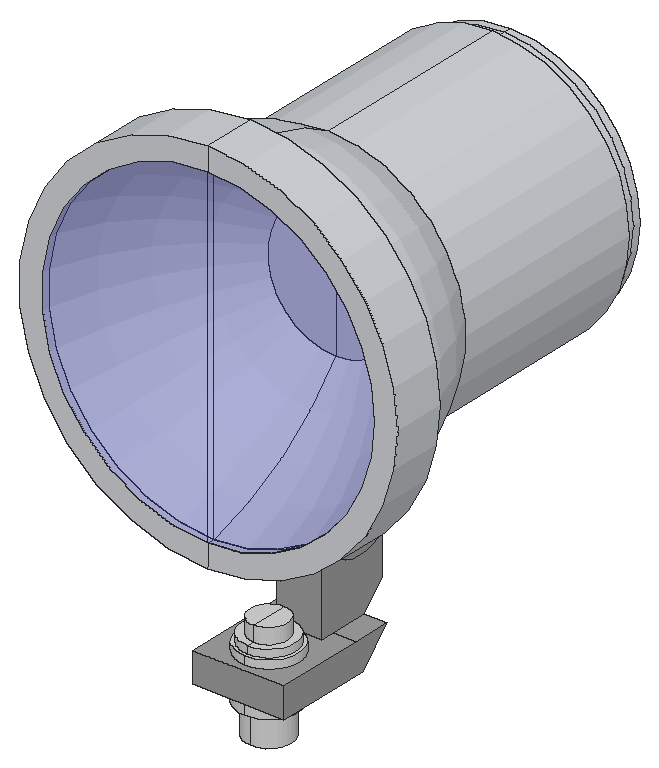
Revit family "77704_HOST_FACE", category Lighting Fixtures, host Face, Revit 2012
Parameters (values of type "Small Scale Floodlights")
  Wattage = 16.8303 W
  built-in parameter 1150110 = 1 (stored number, unit not read)
  URL = "www.bega-us.com"
  built-in parameter 1114217 = 1 (stored number, unit not read)
  Tilt Angle = 90.00°
  built-in parameter 1150109 = 1 (stored number, unit not read)
  built-in parameter 1150134 = 12
  Telephone = "805.684.0533"
  built-in parameter 1150113 = 1 (stored number, unit not read)
  Photometric Web File = "77704.IES"
  Model = "77704"
  Manufacturer = "BEGA-US"
  built-in parameter 1150105 = 198.94 (stored number, unit not read)
  Lumens = 2500 lm
  built-in parameter 1150115 = 1 (stored number, unit not read)
  built-in parameter 1150137 = (empty or 0)
  built-in parameter 1150139 = (empty or 0)
  built-in parameter 1150112 = 1 (stored number, unit not read)
  built-in parameter 1150114 = 1 (stored number, unit not read)
  Lamp = "30W LED"
  built-in parameter 1150132 = 2
  built-in parameter 1150102 = (empty or 0)
  built-in parameter 1150107 = 4000 (stored number, unit not read)
  built-in parameter 1150138 = (empty or 0)
  built-in parameter 1150106 = 1.9894 (stored number, unit not read)
  built-in parameter 1150104 = 13.8 (stored number, unit not read)
  Dimming Lamp Color Temperature Shift = <None>
  Description = "Small Scale Floodlight w/ I.P.S. Nipple"
  Default Elevation = 0' - 0"
  Color Filter = 16777215
  built-in parameter 1114218 = 1 (stored number, unit not read)
  built-in parameter 1150133 = 10 (stored number, unit not read)
Reference planes (in)
  plane 1 "Center (Front/Back)": y = 0
  plane 2: z = 0
  plane 3 "Center (Left/Right)": x = 0
Forms (in)
  Revolve 1, solid
    sketch origin (0, 0, 0.375) x (0, 1, 0) y (0, 0, 1)
      loop
        line (-2.625, 8.875) -> (-2.625, 8.5) -> (-2.5, 8.5)
        arc (-2.5, 8.5) -> (-1.11081, 7.90257) -> (0, 6.87648) r 4.47401
        line (0, 6.87648) -> (0, 5.75) -> (3.875, 5.75)
        arc (3.875, 5.75) -> (3.83655, 6.82268) -> (3.625, 7.875) r 6.61054
        line (3.625, 7.875) -> (3.5, 7.875) -> (3.25, 7.875) -> (3.25, 8) -> (-0.125, 8)
        arc (-0.125, 8) -> (-0.89991, 8.37217) -> (-1.75, 8.5) r 2.89062
        line (-1.75, 8.5) -> (-1.75, 8.875) -> (-2.625, 8.875)
      axis (3.875, 5.75) -> (-2.625, 5.75)
    angle from 0 to 360
  Revolve 2, solid, material "Glass"
    sketch origin (0, 0, 0.375) x (0, 1, 0) y (0, 0, 1)
      loop
        line (-2.625, 8.5) -> (-2.625, 5.75) -> (-2.5, 5.75) -> (-2.5, 8.5) -> (-2.625, 8.5)
      axis (-2.5, 5.75) -> (-2.625, 5.75)
    angle from 0 to 360
  Extrusion 3, solid, material "Default"
    sketch origin (0, -1.375, 1.39952) x (0, 1, 0) y (0, 0, 1)
      loop
        circle (1.25, 1.625) r 0.75
    from -0.5 to 0.5
  Extrusion 4, solid, material "Default"
    sketch origin (0, -0.625, 1.52452) x (0, 1, 0) y (0, 0, 1)
      loop
        line (0.5, -0.52452) -> (0.75, -0.27452) -> (0.125, -0.27452) -> (-1.375, -0.27452) -> (-1.375, -0.77452) -> (0.25, -0.77452) -> (0.5, -0.52452)
    from -0.75 to 0.75
  Extrusion 5, solid, material "Default"
    sketch origin (0, -0.625, 1.52452) x (0, 1, 0) y (0, 0, 1)
      loop
        line (1.125, 0.75) -> (1.125, 2.35048) -> (-0.125, 2.35048) -> (-0.125, -0.27452) -> (0.75, -0.27452) -> (1.125, 0.10048) -> (1.125, 0.75)
    from -0.375 to 0.375
  Revolve 6, solid, material "Stainless"
    sketch origin (0, -0.875, 1.52452) x (0, 1, 0) y (0, 0, 1)
      loop
        line (-1, -0.77452) -> (-1, -1.02452) -> (-0.875, -1.02452) -> (-0.875, -1.52452) -> (-0.5, -1.52452) -> (-0.5, 0.22548) -> (-0.8125, 0.22548) -> (-0.8125, -0.02452) -> (-0.9375, -0.02452) -> (-0.9375, -0.14952) -> (-1, -0.14952) -> (-1, -0.77452)
      axis (-0.5, 0.22548) -> (-0.5, -1.52452)
    angle from 0 to 360
Dimensions and locks (in)
  aligned and locked: plane 2 to host face
  aligned and locked: level to host face
Connectors (in)
  electrical at (0, 0, 0)
    settings: on host face, index 1, voltage 0 V, apparent load 0 VA, apparent load phase1 0 VA, apparent load phase2 0 VA, apparent load phase3 0 VA, power factor 1, load classification "Other", number of poles 1, system type 31, power factor state 1, is connector primary yes, connector utility no, sub classification motor no, connector description ""
